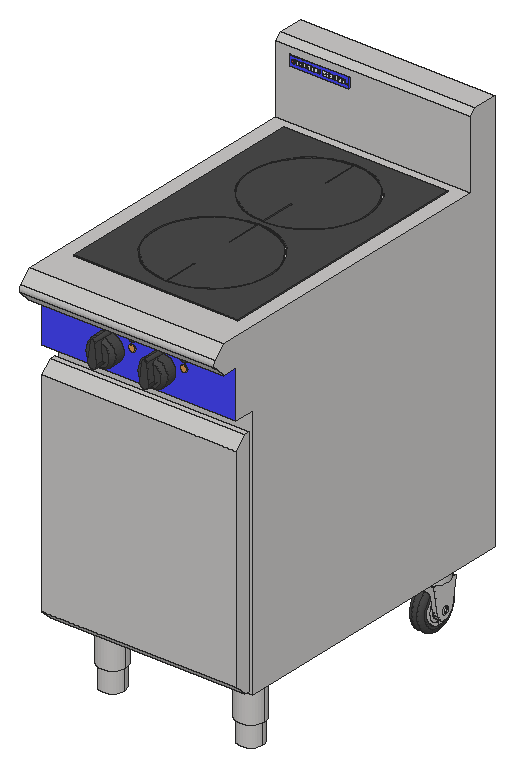
Revit family "QF_MOFFAT_BLUESEAL_CE_IN512-CB", category Specialty Equipment, Revit 2012
Parameters
  Weight in Pounds = 194
  Watts = 10000 W
  Volts = 400 V
  URL Cutsheet = "www.moffat.com"
  URL = "www.moffat.com"
  Type Mark [instance] = ""
  Status [instance] = ""
  Specification by User [instance] = ""
  Specification by Manufacturer = ""
  Show Logo [instance] = yes
  Show Clearance [instance] = yes
  Show Casters [instance] = yes
  Serial Number = ""
  Seismic Rating = ""
  SMACNA No = ""
  Revision Code [instance] = ""
  Phase = 3
  Omniclass Number and Title = ""
  Number of Poles [instance] = 1
  NAFEM Spec ID Number = ""
  Model = "IN512-CB"
  Min Ckt Ampacity = 0 A
  Max Overcurrent Protection = 0 A
  Masterspec = ""
  Manufacturer = "MOFFAT BLUESEAL"
  Legs [instance] = not(Show Casters)  # no
  Item Number [instance] = ""
  Installed By [instance] = ""
  Identify Quantity as Lot [instance] = yes
  HP = ""
  Furnished By [instance] = ""
  Foodservice Equipment Identifier [instance] = yes
  FL Amps = 16 A
  Electrical Remarks [instance] = "16A PER PHASE"
  Electric Connection Type [instance] = ""
  Elec Conn RI Height [instance] = 0 mm
  Elec Conn Connection Height [instance] = 0 mm
  Description = "450MM INDUCTION HOB ON CABINET BASE WITH DOOR"
  Cycle = 50 Hz
  Conn Plug = ""
  Conn Conduit = yes
  CSI MasterFormat = ""
  CSI Master Format = ""
  Apparent Power = if(Phase = 3, Volts * FL Amps * 1.73, Volts * FL Amps)  # 11072 VA
Reference planes
  plane 1 "BACK": y = 0
  plane 2: z = 0
  plane 3 "LEFT": x = 0
  plane 4 "RIGHT": x = 450
  plane 5 "FRONT": y = -812
  plane 6 "TOP": z = 1085
  plane 7 "Center Y": x = 225
  plane 8 "Center X": y = -406
  plane 9: x = 320
  plane 10: z = 740.8
  plane 11: z = 1130
Forms (mm)
  Extrusion 1, solid, material "QF_Finishes_Stainless Steel"
    sketch origin (0, 0, 0) x (0, 1, 0) y (0, 0, 1)
      loop
        line (-749, 740) -> (-699, 740) -> (-699, 150) -> (0, 150) -> (0, 1085.5) -> (-57, 1085.5) -> (-70, 1072.5) -> (-70, 915) -> (-783.97, 915) -> (-808.485, 890.485)
        arc (-808.485, 890.485) -> (-811.999, 882) -> (-808.485, 873.515) r 12
        line (-808.485, 873.515) -> (-784.97, 850) -> (-749, 850) -> (-749, 740)
      loop
        line (-710.65, 700.45) -> (-723.95, 700.45) -> (-747.95, 676.45) -> (-747.95, 185.95) -> (-723.95, 161.95) -> (-710.65, 161.95) -> (-710.65, 700.45)
    from 0 to 450
  Revolve 2, solid, material "QF_Finishes_Stainless Steel"
    sketch origin (0, -625, 0) x (1, 0, 0) y (0, 0, 1)
      loop
        line (65, 0) -> (65, 150) -> (33.25, 150) -> (33.25, 50) -> (37.5, 50) -> (37.5, 0) -> (65, 0)
      axis (65, 0) -> (65, 150)
    angle from 0 to 360
  Revolve 3, solid, material "QF_Finishes_Stainless Steel"
    sketch origin (450, -625, 0) x (-1, 0, 0) y (0, 0, 1)
      loop
        line (65, 0) -> (65, 150) -> (33.25, 150) -> (33.25, 50) -> (37.5, 50) -> (37.5, 0) -> (65, 0)
      axis (65, 0) -> (65, 150)
    angle from 0 to 360
  Revolve 4, solid, material "QF_Finishes_Stainless Steel", visible <- "Legs"
    sketch origin (385, -166, 0) x (0, 1, 0) y (0, 0, -1)
      loop
        line (34.25, -150) -> (66, -150) -> (66, 0) -> (38.5, 0) -> (38.5, -50) -> (34.25, -50) -> (34.25, -150)
      axis (66, -150) -> (66, 0)
    angle from 0 to 360
  Revolve 5, solid, material "QF_Finishes_Stainless Steel", visible <- "Show Casters"
    sketch origin (434.224, -100.755, -12.8) x (-1, 0, 0) y (0, 0, -1)
      loop
        line (14.841, -63.604) -> (14.841, -67.109) -> (16.111, -68.379) -> (17.635, -68.379) -> (17.635, -71.826) -> (29.782, -71.826) -> (29.782, -81.871) -> (33.352, -83.932) -> (34.687, -92.179) -> (32.544, -92.179) -> (32.544, -98.529) -> (33.338, -98.529) -> (33.338, -104.879)
        arc (33.338, -104.879) -> (36.127, -111.614) -> (42.863, -114.404) r 9.525
        line (42.863, -114.404) -> (55.563, -114.404)
        arc (55.563, -114.404) -> (62.298, -111.614) -> (65.088, -104.879) r 9.525
        line (65.088, -104.879) -> (65.088, -98.529) -> (65.881, -98.529) -> (65.881, -92.179) -> (63.738, -92.179) -> (65.088, -83.843) -> (68.644, -81.79) -> (68.644, -71.826) -> (80.79, -71.826) -> (80.79, -68.379) -> (82.314, -68.379) -> (83.584, -67.109) -> (83.584, -63.604) -> (14.841, -63.604)
      axis (14.841, -63.604) -> (83.584, -63.604)
    angle from 0 to 360
  Extrusion 6, solid, material "QF_Finishes_Stainless Steel", visible <- "Show Casters"
    sketch origin (378.499, 132.353, -8.783) x (0, 1, 0) y (0, 0, -1)
      loop
        line (-200.603, -118.783) -> (-212.959, -53.895)
        arc (-212.959, -53.895) -> (-232.353, -38.783) -> (-251.746, -53.895) r 20
        line (-251.746, -53.895) -> (-264.103, -118.783) -> (-200.603, -118.783)
    from -35.667 to 22.923
  Revolve 7, solid, material "QF_Finishes_Stainless Steel", visible <- "Show Casters"
    sketch origin (385, -204, 0) x (0, 1, 0) y (0, 0, -1)
      loop
        line (68.25, -150) -> (104, -150) -> (104, -110) -> (68.25, -110) -> (68.25, -150)
      axis (104, -150) -> (104, -110)
    angle from 0 to 360
  Revolve 8, solid, material "QF_Finishes_Stainless Steel", visible <- "Legs"
    sketch origin (385, -166, 0) x (0, 1, 0) y (0, 0, -1)
      loop
        line (34.25, -150) -> (66, -150) -> (66, 0) -> (38.5, 0) -> (38.5, -50) -> (34.25, -50) -> (34.25, -150)
      axis (66, -150) -> (66, 0)
    angle from 0 to 360
  Revolve 9, solid, material "QF_Finishes_Stainless Steel", visible <- "Legs"
    sketch origin (65, -166, 0) x (0, 1, 0) y (0, 0, -1)
      loop
        line (34.25, -150) -> (66, -150) -> (66, 0) -> (38.5, 0) -> (38.5, -50) -> (34.25, -50) -> (34.25, -150)
      axis (66, -150) -> (66, 0)
    angle from 0 to 360
  Revolve 10, solid, material "QF_Finishes_Stainless Steel", visible <- "Show Casters"
    sketch origin (114.224, -100.755, -12.8) x (-1, 0, 0) y (0, 0, -1)
      loop
        line (14.841, -63.604) -> (14.841, -67.109) -> (16.111, -68.379) -> (17.635, -68.379) -> (17.635, -71.826) -> (29.782, -71.826) -> (29.782, -81.871) -> (33.352, -83.932) -> (34.687, -92.179) -> (32.544, -92.179) -> (32.544, -98.529) -> (33.338, -98.529) -> (33.338, -104.879)
        arc (33.338, -104.879) -> (36.127, -111.614) -> (42.863, -114.404) r 9.525
        line (42.863, -114.404) -> (55.563, -114.404)
        arc (55.563, -114.404) -> (62.298, -111.614) -> (65.088, -104.879) r 9.525
        line (65.088, -104.879) -> (65.088, -98.529) -> (65.881, -98.529) -> (65.881, -92.179) -> (63.738, -92.179) -> (65.088, -83.843) -> (68.644, -81.79) -> (68.644, -71.826) -> (80.79, -71.826) -> (80.79, -68.379) -> (82.314, -68.379) -> (83.584, -67.109) -> (83.584, -63.604) -> (14.841, -63.604)
      axis (14.841, -63.604) -> (83.584, -63.604)
    angle from 0 to 360
  Extrusion 11, solid, material "QF_Finishes_Stainless Steel", visible <- "Show Casters"
    sketch origin (58.499, 132.353, -8.783) x (0, 1, 0) y (0, 0, -1)
      loop
        line (-200.603, -118.783) -> (-212.959, -53.895)
        arc (-212.959, -53.895) -> (-232.353, -38.783) -> (-251.746, -53.895) r 20
        line (-251.746, -53.895) -> (-264.103, -118.783) -> (-200.603, -118.783)
    from -35.667 to 22.923
  Revolve 12, solid, material "QF_Finishes_Stainless Steel", visible <- "Show Casters"
    sketch origin (65, -204, 0) x (0, 1, 0) y (0, 0, -1)
      loop
        line (68.25, -150) -> (104, -150) -> (104, -110) -> (68.25, -110) -> (68.25, -150)
      axis (104, -150) -> (104, -110)
    angle from 0 to 360
  Revolve 13, solid, material "QF_Finishes_Stainless Steel", visible <- "Legs"
    sketch origin (65, -166, 0) x (0, 1, 0) y (0, 0, -1)
      loop
        line (34.25, -150) -> (66, -150) -> (66, 0) -> (38.5, 0) -> (38.5, -50) -> (34.25, -50) -> (34.25, -150)
      axis (66, -150) -> (66, 0)
    angle from 0 to 360
  Extrusion 14, solid, material "QF_Finishes_Orange"
    sketch origin (-695, -749, 852.5) x (0, 0, -1) y (1, 0, 0)
      loop
        circle (45.2, 1025.121) r 7.15
    from 0 to 1
  Revolve 15, solid, material "QF_Finishes_Black"
    sketch origin (285.116, 7, 760.3) x (0, 1, 0) y (0, 0, -1)
      loop
        line (-789, -69.5) -> (-766, -69.5) -> (-766, -42) -> (-756, -42) -> (-756, -37) -> (-800, -37) -> (-800, -63.651) -> (-789, -69.5)
      axis (-800, -37) -> (-756, -37)
    angle from 0 to 360
  Extrusion 16, solid, material "QF_Finishes_Black"
    sketch origin (423.385, 0, 760.458) x (-1, 0, 0) y (0, 0, -1)
      loop
        line (127.85, -26.064) -> (133.27, -68.983)
        arc (133.27, -68.983) -> (138.269, -73.87) -> (143.267, -68.983) r 5
        line (143.267, -68.983) -> (148.756, -24.898)
        arc (148.756, -24.898) -> (137.684, -14.399) -> (127.85, -26.064) r 10.487
    from 759 to 808
  Extrusion 17, solid, material "QF_Finishes_Black"
    sketch origin (-695, -749, 852.5) x (0, 0, -1) y (1, 0, 0)
      loop
        circle (25.2, 1025.121) r 7.15
    from 0 to 1
  Extrusion 18, solid, material "QF_Finishes_Orange"
    sketch origin (-815, -749, 852.5) x (0, 0, -1) y (1, 0, 0)
      loop
        circle (45.2, 1025.121) r 7.15
    from 0 to 1
  Revolve 19, solid, material "QF_Finishes_Black"
    sketch origin (165.116, 7, 760.3) x (0, 1, 0) y (0, 0, -1)
      loop
        line (-789, -69.5) -> (-766, -69.5) -> (-766, -42) -> (-756, -42) -> (-756, -37) -> (-800, -37) -> (-800, -63.651) -> (-789, -69.5)
      axis (-800, -37) -> (-756, -37)
    angle from 0 to 360
  Extrusion 20, solid, material "QF_Finishes_Black"
    sketch origin (303.385, 0, 760.458) x (-1, 0, 0) y (0, 0, -1)
      loop
        line (127.85, -26.064) -> (133.27, -68.983)
        arc (133.27, -68.983) -> (138.269, -73.87) -> (143.267, -68.983) r 5
        line (143.267, -68.983) -> (148.756, -24.898)
        arc (148.756, -24.898) -> (137.684, -14.399) -> (127.85, -26.064) r 10.487
    from 759 to 808
  Extrusion 21, solid, material "QF_Finishes_Black"
    sketch origin (-815, -749, 852.5) x (0, 0, -1) y (1, 0, 0)
      loop
        circle (25.2, 1025.121) r 7.15
    from 0 to 1
  Extrusion 22, solid, material "QF_Finishes_Black"
    sketch origin (0, -783.97, 915) x (0, 1, 0) y (-1, 0, 0)
      loop
        line (690.97, -35) -> (83.97, -35) -> (83.97, -415) -> (690.97, -415) -> (690.97, -35)
      loop
        circle (527.47, -225) r 135
      loop
        line (659.26, -226.6) -> (579.27, -226.6) -> (579.27, -223.4) -> (659.26, -223.4)
        arc (659.26, -223.4) -> (527.47, -93.2) -> (395.68, -223.4) r 131.8
        line (395.68, -223.4) -> (475.67, -223.4) -> (475.67, -226.6) -> (395.68, -226.6)
        arc (395.68, -226.6) -> (527.47, -356.8) -> (659.26, -226.6) r 131.8
      loop
        circle (247.47, -225) r 135
      loop
        line (379.26, -226.6) -> (299.27, -226.6) -> (299.27, -223.4) -> (379.26, -223.4)
        arc (379.26, -223.4) -> (247.47, -93.2) -> (115.68, -223.4) r 131.8
        line (115.68, -223.4) -> (195.67, -223.4) -> (195.67, -226.6) -> (115.68, -226.6)
        arc (115.68, -226.6) -> (247.47, -356.8) -> (379.26, -226.6) r 131.8
    from 0 to 1.6
  Extrusion 23, solid, material "QF_Finishes_Stainless Steel"
    sketch origin (0, 0, 0) x (1, 0, 0) y (0, 0, 1)
      loop
        circle (320, 740.8) r 5
    from 0 to -3.2
  Extrusion 24, solid, material "QF_Door-Drawer Clearances", visible <- "Show Clearance", detail levels coarse
    sketch origin (32.187, -710.65, 150) x (-1, 0, 0) y (0, 1, 0)
      loop
        line (32.187, -38.35) -> (-417.813, -38.35)
        arc (-417.813, -38.35) -> (-286.605, -360.107) -> (32.187, -498.361) r 460.122
        line (32.187, -498.361) -> (32.187, -38.35)
    from -11.95 to -550
Lines and regions (mm)
  symbolic lines
    curve 1: line (0, 0, 915) -> (450, 0, 915)
    curve 2: line (0, -811.999, 915) -> (0, 0, 915)
    curve 3: line (450, -811.999, 915) -> (0, -811.999, 915)
    curve 4: line (450, 0, 915) -> (450, -811.999, 915)
    curve 5: line (415, -93, 915) -> (35, -93, 915)
    curve 6: line (35, -93, 915) -> (35, -700, 915)
    curve 7: line (35, -700, 915) -> (415, -700, 915)
    curve 8: line (415, -700, 915) -> (415, -93, 915)
    curve 9: arc (225, -391.5, 915) -> (90, -256.5, 915) -> (225, -121.5, 915) r 135
    curve 10: arc (225, -121.5, 915) -> (360, -256.5, 915) -> (225, -391.5, 915) r 135
    curve 11: arc (223.4, -124.71, 915) -> (93.2, -256.5, 915) -> (223.4, -388.29, 915) r 131.8
    curve 12: line (223.4, -388.29, 915) -> (223.4, -308.3, 915)
    curve 13: line (223.4, -308.3, 915) -> (226.6, -308.3, 915)
    curve 14: line (226.6, -308.3, 915) -> (226.6, -388.29, 915)
    curve 15: arc (226.6, -388.29, 915) -> (356.8, -256.5, 915) -> (226.6, -124.71, 915) r 131.8
    curve 16: line (226.6, -124.71, 915) -> (226.6, -204.7, 915)
    curve 17: line (226.6, -204.7, 915) -> (223.4, -204.7, 915)
    curve 18: line (223.4, -204.7, 915) -> (223.4, -124.71, 915)
    curve 19: arc (225, -671.5, 915) -> (90, -536.5, 915) -> (225, -401.5, 915) r 135
    curve 20: arc (225, -401.5, 915) -> (360, -536.5, 915) -> (225, -671.5, 915) r 135
    curve 21: arc (223.4, -404.71, 915) -> (93.2, -536.5, 915) -> (223.4, -668.29, 915) r 131.8
    curve 22: line (223.4, -668.29, 915) -> (223.4, -588.3, 915)
    curve 23: line (223.4, -588.3, 915) -> (226.6, -588.3, 915)
    curve 24: line (226.6, -588.3, 915) -> (226.6, -668.29, 915)
    curve 25: arc (226.6, -668.29, 915) -> (356.8, -536.5, 915) -> (226.6, -404.71, 915) r 131.8
    curve 26: line (226.6, -404.71, 915) -> (226.6, -484.7, 915)
    curve 27: line (226.6, -484.7, 915) -> (223.4, -484.7, 915)
    curve 28: line (223.4, -484.7, 915) -> (223.4, -404.71, 915)
    curve 29: line (0, -57, 915) -> (450, -57, 915)
    curve 30: line (0, -70, 915) -> (450, -70, 915)
    curve 31: line (0, -783.97, 915) -> (450, -783.97, 915)
  symbolic lines, style "SpecialityEquipmentHiddenLines", visible <- "Show Casters"
    curve 32: line (106.952, -62.61, 0) -> (56.152, -150.598, 0)
    curve 33: line (79.456, -46.735, 0) -> (106.952, -62.61, 0)
    curve 34: line (28.656, -134.723, 0) -> (79.456, -46.735, 0)
    curve 35: line (56.152, -150.598, 0) -> (28.656, -134.723, 0)
    curve 36: line (431.952, -62.61, 0) -> (381.152, -150.598, 0)
    curve 37: line (404.456, -46.735, 0) -> (431.952, -62.61, 0)
    curve 38: line (353.656, -134.723, 0) -> (404.456, -46.735, 0)
    curve 39: line (381.152, -150.598, 0) -> (353.656, -134.723, 0)
  symbolic lines, style "QF_Door-Drawer Clearances"
    curve 40: arc (445.667, -812, 0) -> (425.917, -895.91, 0) -> (390.862, -974.664, 0) r 460.122
    curve 41: line (109.119, -812, 0) -> (390.862, -974.664, 0)
Dimensions and locks
  equal spacing: plane 3 "LEFT", plane 7 "Center Y", plane 4 "RIGHT"
  plane 3 "LEFT" to plane 4 "RIGHT" = 450 mm
  equal spacing: plane 5 "FRONT", plane 8 "Center X", plane 1 "BACK"
  plane 5 "FRONT" to plane 1 "BACK" = 812 mm
  plane 6 "TOP" to level = 1085 mm
  Revolve 5 sketch curve to Revolve 5 sketch curve = 50.8 mm
  Revolve 10 sketch curve to Revolve 10 sketch curve = 50.8 mm
  aligned and locked: level to plane 2
  aligned and locked: Extrusion 1 to plane 4 "RIGHT"
Automatic sketch dimensions
  Extrusion 1 sketch curve to plane 1 "BACK" = 0 mm
  plane 6 "TOP" to Extrusion 1 sketch curve = 0.5 mm
  plane 1 "BACK" to Extrusion 1 sketch curve = 57 mm
  Extrusion 1 sketch curve to Extrusion 1 sketch curve = 13 mm
  Extrusion 1 sketch curve to plane 5 "FRONT" = 113 mm
  Extrusion 1 sketch curve to Extrusion 1 sketch curve = 11.65 mm
  Extrusion 1 sketch curve to Extrusion 1 sketch curve = 13.3 mm  (x2)
  Extrusion 1 sketch curve to Extrusion 1 sketch curve = 24 mm  (x3)
  Extrusion 1 sketch curve to Extrusion 1 sketch curve = 25.05 mm
  Extrusion 1 sketch curve to plane 5 "FRONT" = 28.03 mm
  Extrusion 1 sketch curve to plane 5 "FRONT" = 27.03 mm
  Extrusion 1 sketch curve to plane 5 "FRONT" = 12.001 mm
  Extrusion 1 sketch curve to plane 5 "FRONT" = 3.515 mm  (x2)
  Extrusion 1 sketch curve to plane 6 "TOP" = 12.5 mm
  Extrusion 1 sketch curve to plane 6 "TOP" = 170 mm
  Extrusion 1 sketch curve to Extrusion 1 sketch curve = 24.515 mm
  Extrusion 1 sketch curve to Extrusion 1 sketch curve = 8.485 mm
  Extrusion 1 sketch curve to Extrusion 1 sketch curve = 32 mm
  Extrusion 1 sketch curve to Extrusion 1 sketch curve = 110 mm
  Extrusion 1 sketch curve to Extrusion 1 sketch curve = 39.55 mm
  level to Extrusion 1 sketch curve = 185.95 mm
  level to Extrusion 1 sketch curve = 150 mm
  Revolve 2 sketch curve to level = 0 mm
  plane 3 "LEFT" to Revolve 2 sketch curve = 33.25 mm
  Revolve 2 sketch curve to Revolve 2 sketch curve = 4.25 mm
  Revolve 2 sketch curve to Revolve 2 sketch curve = 31.75 mm
  Revolve 2 sketch curve to Revolve 2 sketch curve = 0 mm  (x2)
  Revolve 2 sketch curve to Revolve 2 sketch curve = 50 mm
  Revolve 2 sketch curve to Revolve 2 sketch curve = 100 mm
  Revolve 2 sketch curve to Revolve 2 sketch curve = 25 mm
  Revolve 3 sketch curve to level = 0 mm
  Revolve 3 sketch curve to plane 4 "RIGHT" = 33.25 mm
  Revolve 3 sketch curve to Revolve 3 sketch curve = 4.25 mm
  Revolve 3 sketch curve to Revolve 3 sketch curve = 31.75 mm
  Revolve 3 sketch curve to Revolve 3 sketch curve = 0 mm  (x2)
  Revolve 3 sketch curve to Revolve 3 sketch curve = 50 mm
  Revolve 3 sketch curve to Revolve 3 sketch curve = 100 mm
  Revolve 3 sketch curve to Revolve 3 sketch curve = 25 mm
  Revolve 4 sketch curve to level = 0 mm
  level to Revolve 4 sketch curve = 50 mm
  plane 1 "BACK" to Revolve 4 sketch curve = 131.75 mm
  Revolve 4 sketch curve to Revolve 4 sketch curve = 4.25 mm
  Revolve 4 sketch curve to Revolve 4 sketch curve = 27.5 mm  (x2)
  Revolve 4 sketch curve to Revolve 4 sketch curve = 100 mm
  Revolve 4 sketch curve to Revolve 4 sketch curve = 0 mm
  Revolve 4 sketch curve to Revolve 4 sketch curve = 55 mm
  plane 4 "RIGHT" to Revolve 5 sketch curve = 30.618 mm
  Revolve 5 sketch curve to Revolve 5 sketch curve = 1.27 mm  (x4)
  Revolve 5 sketch curve to Revolve 5 sketch curve = 1.524 mm  (x2)
  Revolve 5 sketch curve to Revolve 5 sketch curve = 12.146 mm  (x2)
  Revolve 5 sketch curve to Revolve 5 sketch curve = 2.762 mm
  Revolve 5 sketch curve to Revolve 5 sketch curve = 0.794 mm  (x2)
  Revolve 5 sketch curve to Revolve 5 sketch curve = 3.57 mm
  Revolve 5 sketch curve to Revolve 5 sketch curve = 2.143 mm
  Revolve 5 sketch curve to Revolve 5 sketch curve = 9.525 mm
  Revolve 5 sketch curve to Revolve 5 sketch curve = 24.572 mm
  Revolve 5 sketch curve to Revolve 5 sketch curve = 12.7 mm
  Revolve 5 sketch curve to Revolve 5 sketch curve = 8.176 mm
  Revolve 5 sketch curve to Revolve 5 sketch curve = 1.349 mm  (x2)
  Revolve 5 sketch curve to Revolve 5 sketch curve = 3.556 mm
  Revolve 5 sketch curve to Revolve 5 sketch curve = 33.32 mm
  level to Revolve 5 sketch curve = 101.604 mm
  Revolve 5 sketch curve to Revolve 5 sketch curve = 6.35 mm  (x4)
  Revolve 5 sketch curve to Revolve 5 sketch curve = 8.247 mm
  Revolve 5 sketch curve to Revolve 5 sketch curve = 8.336 mm
  Revolve 5 sketch curve to Revolve 5 sketch curve = 2.061 mm
  Revolve 5 sketch curve to Revolve 5 sketch curve = 2.053 mm
  Revolve 5 sketch curve to Revolve 5 sketch curve = 10.045 mm
  Revolve 5 sketch curve to Revolve 5 sketch curve = 9.964 mm
  Revolve 5 sketch curve to Revolve 5 sketch curve = 3.447 mm  (x2)
  Revolve 5 sketch curve to Revolve 5 sketch curve = 3.505 mm
  plane 1 "BACK" to Extrusion 6 sketch curve = 131.75 mm
  level to Extrusion 6 sketch curve = 45.111 mm  (x2)
  Extrusion 6 sketch curve to Extrusion 6 sketch curve = 12.357 mm
  Extrusion 6 sketch curve to Extrusion 6 sketch curve = 19.393 mm
  Extrusion 6 sketch curve to Extrusion 6 sketch curve = 63.5 mm
  Extrusion 6 sketch curve to Extrusion 6 sketch curve = 4.889 mm
  Extrusion 6 sketch curve to Extrusion 6 sketch curve = 64.889 mm
  plane 1 "BACK" to Revolve 7 sketch curve = 135.75 mm
  plane 1 "BACK" to Revolve 7 sketch curve = 100 mm
  Revolve 7 sketch curve to Revolve 7 sketch curve = 35.75 mm
  level to Revolve 7 sketch curve = 150 mm
  Revolve 7 sketch curve to Revolve 7 sketch curve = 40 mm
  level to Revolve 7 sketch curve = 50 mm
  Revolve 7 sketch curve to level = 55 mm
  Revolve 8 sketch curve to level = 0 mm
  level to Revolve 8 sketch curve = 50 mm
  plane 1 "BACK" to Revolve 8 sketch curve = 131.75 mm
  Revolve 8 sketch curve to Revolve 8 sketch curve = 4.25 mm
  Revolve 8 sketch curve to Revolve 8 sketch curve = 27.5 mm  (x2)
  Revolve 8 sketch curve to Revolve 8 sketch curve = 100 mm
  Revolve 8 sketch curve to Revolve 8 sketch curve = 0 mm
  Revolve 8 sketch curve to Revolve 8 sketch curve = 55 mm
  Revolve 9 sketch curve to level = 0 mm
  level to Revolve 9 sketch curve = 50 mm
  plane 1 "BACK" to Revolve 9 sketch curve = 131.75 mm
  Revolve 9 sketch curve to Revolve 9 sketch curve = 4.25 mm
  Revolve 9 sketch curve to Revolve 9 sketch curve = 27.5 mm  (x2)
  Revolve 9 sketch curve to Revolve 9 sketch curve = 100 mm
  Revolve 9 sketch curve to Revolve 9 sketch curve = 0 mm
  Revolve 9 sketch curve to Revolve 9 sketch curve = 55 mm
  plane 3 "LEFT" to Revolve 10 sketch curve = 99.382 mm
  Revolve 10 sketch curve to Revolve 10 sketch curve = 1.27 mm  (x4)
  Revolve 10 sketch curve to Revolve 10 sketch curve = 1.524 mm  (x2)
  Revolve 10 sketch curve to Revolve 10 sketch curve = 12.146 mm  (x2)
  Revolve 10 sketch curve to Revolve 10 sketch curve = 2.762 mm
  Revolve 10 sketch curve to Revolve 10 sketch curve = 0.794 mm  (x2)
  Revolve 10 sketch curve to Revolve 10 sketch curve = 3.57 mm
  Revolve 10 sketch curve to Revolve 10 sketch curve = 2.143 mm
  Revolve 10 sketch curve to Revolve 10 sketch curve = 9.525 mm
  Revolve 10 sketch curve to Revolve 10 sketch curve = 24.572 mm
  Revolve 10 sketch curve to Revolve 10 sketch curve = 12.7 mm
  Revolve 10 sketch curve to Revolve 10 sketch curve = 8.176 mm
  Revolve 10 sketch curve to Revolve 10 sketch curve = 1.349 mm  (x2)
  Revolve 10 sketch curve to Revolve 10 sketch curve = 3.556 mm
  Revolve 10 sketch curve to plane 3 "LEFT" = 2.68 mm
  level to Revolve 10 sketch curve = 101.604 mm
  Revolve 10 sketch curve to Revolve 10 sketch curve = 6.35 mm  (x4)
  Revolve 10 sketch curve to Revolve 10 sketch curve = 8.247 mm
  Revolve 10 sketch curve to Revolve 10 sketch curve = 8.336 mm
  Revolve 10 sketch curve to Revolve 10 sketch curve = 2.061 mm
  Revolve 10 sketch curve to Revolve 10 sketch curve = 2.053 mm
  Revolve 10 sketch curve to Revolve 10 sketch curve = 10.045 mm
  Revolve 10 sketch curve to Revolve 10 sketch curve = 9.964 mm
  Revolve 10 sketch curve to Revolve 10 sketch curve = 3.447 mm  (x2)
  Revolve 10 sketch curve to Revolve 10 sketch curve = 3.505 mm
  plane 1 "BACK" to Extrusion 11 sketch curve = 131.75 mm
  level to Extrusion 11 sketch curve = 45.111 mm  (x2)
  Extrusion 11 sketch curve to Extrusion 11 sketch curve = 12.357 mm
  Extrusion 11 sketch curve to Extrusion 11 sketch curve = 19.393 mm
  Extrusion 11 sketch curve to Extrusion 11 sketch curve = 63.5 mm
  Extrusion 11 sketch curve to Extrusion 11 sketch curve = 4.889 mm
  Extrusion 11 sketch curve to Extrusion 11 sketch curve = 64.889 mm
  plane 1 "BACK" to Revolve 12 sketch curve = 135.75 mm
  plane 1 "BACK" to Revolve 12 sketch curve = 100 mm
  Revolve 12 sketch curve to Revolve 12 sketch curve = 35.75 mm
  level to Revolve 12 sketch curve = 150 mm
  Revolve 12 sketch curve to Revolve 12 sketch curve = 40 mm
  level to Revolve 12 sketch curve = 50 mm
  Revolve 12 sketch curve to level = 55 mm
  Revolve 13 sketch curve to level = 0 mm
  level to Revolve 13 sketch curve = 50 mm
  plane 1 "BACK" to Revolve 13 sketch curve = 131.75 mm
  Revolve 13 sketch curve to Revolve 13 sketch curve = 4.25 mm
  Revolve 13 sketch curve to Revolve 13 sketch curve = 27.5 mm  (x2)
  Revolve 13 sketch curve to Revolve 13 sketch curve = 100 mm
  Revolve 13 sketch curve to Revolve 13 sketch curve = 0 mm
  Revolve 13 sketch curve to Revolve 13 sketch curve = 55 mm
  plane 7 "Center Y" to Extrusion 14 sketch curve = 105.121 mm
  Extrusion 14 sketch curve to plane 6 "TOP" = 277.7 mm
  Revolve 15 sketch curve to plane 5 "FRONT" = 19 mm
  Revolve 15 sketch curve to Revolve 15 sketch curve = 0 mm  (x2)
  Revolve 15 sketch curve to Revolve 15 sketch curve = 11 mm
  Revolve 15 sketch curve to Revolve 15 sketch curve = 12.7 mm
  Revolve 15 sketch curve to Revolve 15 sketch curve = 23 mm
  Revolve 15 sketch curve to Revolve 15 sketch curve = 10 mm
  Revolve 15 sketch curve to plane 6 "TOP" = 255.2 mm
  Revolve 15 sketch curve to Revolve 15 sketch curve = 5.849 mm
  Revolve 15 sketch curve to Revolve 15 sketch curve = 27.5 mm
  Revolve 15 sketch curve to Revolve 15 sketch curve = 5 mm
  plane 7 "Center Y" to Extrusion 16 sketch curve = 70.536 mm
  Extrusion 16 sketch curve to Extrusion 16 sketch curve = 5.421 mm
  Extrusion 16 sketch curve to Extrusion 16 sketch curve = 10.419 mm
  Extrusion 16 sketch curve to Extrusion 16 sketch curve = 4.999 mm  (x2)
  Extrusion 16 sketch curve to Extrusion 16 sketch curve = 10.487 mm
  Extrusion 16 sketch curve to plane 6 "TOP" = 255.559 mm
  Extrusion 16 sketch curve to Extrusion 16 sketch curve = 0.113 mm
  Extrusion 16 sketch curve to Extrusion 16 sketch curve = 42.919 mm
  Extrusion 16 sketch curve to Extrusion 16 sketch curve = 1.167 mm
  plane 7 "Center Y" to Extrusion 17 sketch curve = 105.121 mm
  Extrusion 17 sketch curve to plane 6 "TOP" = 257.7 mm
  Extrusion 18 sketch curve to plane 7 "Center Y" = 14.879 mm
  Extrusion 18 sketch curve to plane 6 "TOP" = 277.7 mm
  Revolve 19 sketch curve to plane 5 "FRONT" = 19 mm
  Revolve 19 sketch curve to Revolve 19 sketch curve = 0 mm  (x2)
  Revolve 19 sketch curve to Revolve 19 sketch curve = 11 mm
  Revolve 19 sketch curve to Revolve 19 sketch curve = 12.7 mm
  Revolve 19 sketch curve to Revolve 19 sketch curve = 23 mm
  Revolve 19 sketch curve to Revolve 19 sketch curve = 10 mm
  Revolve 19 sketch curve to plane 6 "TOP" = 255.2 mm
  Revolve 19 sketch curve to Revolve 19 sketch curve = 5.849 mm
  Revolve 19 sketch curve to Revolve 19 sketch curve = 27.5 mm
  Revolve 19 sketch curve to Revolve 19 sketch curve = 5 mm
  Extrusion 20 sketch curve to plane 7 "Center Y" = 49.464 mm
  Extrusion 20 sketch curve to Extrusion 20 sketch curve = 5.421 mm
  Extrusion 20 sketch curve to Extrusion 20 sketch curve = 10.419 mm
  Extrusion 20 sketch curve to Extrusion 20 sketch curve = 4.999 mm  (x2)
  Extrusion 20 sketch curve to Extrusion 20 sketch curve = 10.487 mm
  Extrusion 20 sketch curve to plane 6 "TOP" = 255.559 mm
  Extrusion 20 sketch curve to Extrusion 20 sketch curve = 0.113 mm
  Extrusion 20 sketch curve to Extrusion 20 sketch curve = 42.919 mm
  Extrusion 20 sketch curve to Extrusion 20 sketch curve = 1.167 mm
  Extrusion 21 sketch curve to plane 7 "Center Y" = 14.879 mm
  Extrusion 21 sketch curve to plane 6 "TOP" = 257.7 mm
  Extrusion 22 sketch curve to Extrusion 22 sketch curve = 0 mm  (x17)
  Extrusion 1 to Extrusion 22 sketch curve = 35 mm  (x2)
  Extrusion 22 sketch curve to Extrusion 1 = 83.97 mm
  Extrusion 22 sketch curve to Extrusion 1 = 115.68 mm
  Extrusion 22 sketch curve to Extrusion 22 sketch curve = 79.99 mm  (x3)
  Extrusion 22 sketch curve to Extrusion 22 sketch curve = 51.8 mm  (x4)
  Extrusion 22 sketch curve to Extrusion 22 sketch curve = 16.419 mm
  Extrusion 1 to Extrusion 22 sketch curve = 54.71 mm
  Extrusion 1 to Extrusion 22 sketch curve = 23 mm
  Extrusion 1 to Extrusion 22 sketch curve = 223.4 mm
  Extrusion 22 sketch curve to Extrusion 22 sketch curve = 1.6 mm  (x2)
  Extrusion 22 sketch curve to Extrusion 22 sketch curve = 3.2 mm  (x2)
  plane 9 to Extrusion 23 sketch curve = 0 mm
  Extrusion 23 sketch curve to plane 10 = 0 mm
  curve 3 to Extrusion 1 = 0 mm  (x2)
  Extrusion 1 to curve 3 = 28.029 mm
  curve 2 to Extrusion 1 = 70 mm
  Extrusion 1 to curve 7 = 35 mm
  curve 7 to Extrusion 1 = 83.97 mm
  Extrusion 1 to curve 5 = 23 mm
  Extrusion 1 to curve 5 = 35 mm
  Extrusion 1 to curve 9 = 321.5 mm
  curve 9 to curve 10 = 135 mm
  Extrusion 1 to curve 9 = 225 mm
  curve 9 to curve 11 = 0 mm  (x2)
  curve 9 to curve 15 = 0 mm  (x2)
  curve 9 to curve 12 = 3.21 mm
  curve 11 to curve 14 = 0 mm
  curve 13 to curve 9 = 51.8 mm
  curve 9 to curve 17 = 51.8 mm
  curve 18 to curve 9 = 3.21 mm
  curve 18 to curve 16 = 0 mm
  curve 16 to curve 9 = 1.6 mm
  curve 15 to curve 11 = 3.2 mm
  curve 20 to Extrusion 1 = 112.47 mm
  curve 19 to curve 20 = 135 mm
  curve 19 to curve 6 = 190 mm
  curve 19 to curve 21 = 0 mm  (x2)
  curve 19 to curve 25 = 0 mm  (x2)
  curve 19 to curve 22 = 3.21 mm
  curve 21 to curve 24 = 0 mm
  curve 23 to curve 19 = 51.8 mm
  curve 19 to curve 27 = 51.8 mm
  curve 26 to curve 20 = 3.21 mm
  curve 21 to curve 26 = 0 mm
  curve 26 to curve 19 = 1.6 mm
  curve 26 to curve 28 = 3.2 mm
  curve 29 to Extrusion 1 = 13 mm
  curve 30 to Extrusion 1 = 0 mm
  curve 31 to Extrusion 1 = 0 mm
  plane 3 "LEFT" to curve 34 = 28.656 mm
  curve 34 to curve 35 = 27.496 mm
  plane 3 "LEFT" to curve 34 = 79.456 mm
  curve 39 to plane 9 = 33.656 mm
  curve 38 to curve 39 = 27.496 mm
  plane 4 "RIGHT" to curve 36 = 18.048 mm
  curve 39 to curve 38 = 15.875 mm
  plane 1 "BACK" to curve 36 = 62.61 mm
  plane 1 "BACK" to curve 33 = 62.61 mm
  curve 32 to curve 33 = 15.875 mm
  curve 40 to plane 3 "LEFT" = 10.122 mm
  curve 41 to plane 5 "FRONT" = 0 mm
  plane 3 "LEFT" to curve 41 = 109.119 mm
  plane 4 "RIGHT" to curve 40 = 59.138 mm
  plane 4 "RIGHT" to curve 40 = 4.333 mm
  plane 5 "FRONT" to curve 41 = 162.664 mm
  curve 40 to plane 5 "FRONT" = 0 mm
  Extrusion 24 sketch curve to plane 4 "RIGHT" = 0 mm
  Extrusion 24 sketch curve to plane 3 "LEFT" = 0 mm
  Extrusion 24 sketch curve to plane 3 "LEFT" = 10.122 mm
  Extrusion 24 sketch curve to plane 5 "FRONT" = 63 mm
  radius of Extrusion 14 sketch curve = 7.15 mm
  radius of Extrusion 17 sketch curve = 7.15 mm
  radius of Extrusion 18 sketch curve = 7.15 mm
  radius of Extrusion 21 sketch curve = 7.15 mm
  radius of Extrusion 22 sketch curve = 135 mm  (x2)
  radius of Extrusion 23 sketch curve = 5 mm
Nested families
  nested 1: "WALDORF LOGO_FACE BASE" at (32, -70, 1056.885) x (1, 0, 0) z (0, -1, 0), visible <- "Show Logo", type "WALDORF LOGO_FACE BASE", detail levels medium+fine
    with Show Logo yes
Connectors
  electrical at (320, 3.2, 740.8), driven by "Volts", driven by "Watts"
    settings: on Extrusion 23, index 1, voltage 400 V, apparent load 10000 VA, apparent load phase1 0 VA, apparent load phase2 0 VA, apparent load phase3 0 VA, power factor 1, load classification "Other", number of poles 1, system type 30, power factor state 1, is connector primary yes, connector utility no, sub classification motor no, connector description "ELECTRICAL CONNECTION"
Definition of nested family "WALDORF LOGO_FACE BASE"
  Parameters (values of type "WALDORF LOGO_FACE BASE")
    Show Logo [instance] = yes
    Default Elevation = 1219.2 mm
  Reference planes
    plane 1 "Center (Front/Back)": y = 0
    plane 2: z = 0
    plane 3 "Center (Left/Right)": x = 0
  Forms (mm)
    Extrusion 1, solid
      sketch origin (0, 0, 0) x (1, 0, 0) y (0, 1, 0)
        loop
          line (-1219.2, 1219.2) -> (-1219.2, -1219.2) -> (1219.2, -1219.2) -> (1219.2, 1219.2) -> (-1219.2, 1219.2)
      from 0 to -304.8
    Extrusion 2, solid, material "QF_Finishes_Blue", visible <- "Show Logo"
      sketch origin (0, -33.217, 0) x (1, 0, 0) y (0, 1, 0)
        loop
          arc (138, 31.942) -> (137.626, 32.844) -> (136.724, 33.217) r 1.276
          line (136.724, 33.217) -> (1.29, 33.217)
          arc (1.29, 33.217) -> (0.378, 32.839) -> (0, 31.927) r 1.29
          line (0, 31.927) -> (0, 11.507)
          arc (0, 11.507) -> (0.378, 10.595) -> (1.29, 10.217) r 1.29
          line (1.29, 10.217) -> (136.71, 10.217)
          arc (136.71, 10.217) -> (137.622, 10.595) -> (138, 11.507) r 1.29
          line (138, 11.507) -> (138, 31.942)
      from 0 to 1.588
    Extrusion 3, solid, material "QF_Finishes_White", visible <- "Show Logo"
      sketch origin (0, -33.217, 1.588) x (1, 0, 0) y (0, 1, 0)
        loop
          arc (108.946, 25.919) -> (107.613, 25.367) -> (107.061, 24.034) r 1.885
          line (107.061, 24.034) -> (107.061, 17.211) -> (112.704, 17.211) -> (112.704, 19.129) -> (115.546, 19.129) -> (115.546, 17.211) -> (121.584, 17.211) -> (121.584, 24.075)
          arc (121.584, 24.075) -> (121.043, 25.379) -> (119.739, 25.919) r 1.845
          line (119.739, 25.919) -> (108.946, 25.919)
        loop
          line (123.478, 25.919) -> (123.478, 17.163) -> (134.904, 17.163) -> (134.904, 19.129) -> (129.246, 19.129) -> (129.246, 25.919) -> (123.478, 25.919)
        loop
          line (112.704, 21.258) -> (115.546, 21.258) -> (115.546, 22.702)
          arc (115.546, 22.702) -> (115.344, 23.188) -> (114.858, 23.389) r 0.687
          line (114.858, 23.389) -> (113.363, 23.389)
          arc (113.363, 23.389) -> (112.897, 23.196) -> (112.704, 22.73) r 0.658
          line (112.704, 22.73) -> (112.704, 21.258)
        loop
          line (105.071, 25.919) -> (93.771, 25.919) -> (93.771, 17.163) -> (105.071, 17.163) -> (105.071, 19.063) -> (99.535, 19.063) -> (99.535, 20.437) -> (105.071, 20.437) -> (105.071, 22.278) -> (99.535, 22.278) -> (99.535, 23.587) -> (105.071, 23.587) -> (105.071, 25.919)
        loop
          line (91.104, 25.919) -> (79.541, 25.919)
          arc (79.541, 25.919) -> (78.558, 25.513) -> (78.152, 24.53) r 1.389
          line (78.152, 24.53) -> (78.152, 22.08)
          arc (78.152, 22.08) -> (78.558, 21.098) -> (79.541, 20.691) r 1.389
          line (79.541, 20.691) -> (86.346, 20.691) -> (86.346, 18.864) -> (83.266, 18.864) -> (83.266, 19.664) -> (78.152, 19.664) -> (78.152, 18.553)
          arc (78.152, 18.553) -> (78.558, 17.57) -> (79.541, 17.163) r 1.389
          line (79.541, 17.163) -> (91.063, 17.163)
          arc (91.063, 17.163) -> (92.045, 17.57) -> (92.452, 18.553) r 1.389
          line (92.452, 18.553) -> (92.452, 20.691)
          arc (92.452, 20.691) -> (92.045, 21.673) -> (91.063, 22.08) r 1.389
          line (91.063, 22.08) -> (83.266, 22.08) -> (83.266, 23.984) -> (86.346, 23.984) -> (86.346, 22.743) -> (92.452, 22.743) -> (92.452, 24.571)
          arc (92.452, 24.571) -> (92.057, 25.524) -> (91.104, 25.919) r 1.348
        loop
          line (70.705, 25.919) -> (59.405, 25.919) -> (59.405, 17.163) -> (70.705, 17.163) -> (70.705, 19.063) -> (65.169, 19.063) -> (65.169, 20.437) -> (70.705, 20.437) -> (70.705, 22.278) -> (65.169, 22.278) -> (65.169, 23.587) -> (70.705, 23.587) -> (70.705, 25.919)
        loop
          line (57.598, 25.919) -> (51.7, 25.919) -> (51.7, 20.18)
          arc (51.7, 20.18) -> (50.63, 19.11) -> (49.56, 20.18) r 1.07
          line (49.56, 20.18) -> (49.56, 25.919) -> (43.663, 25.919) -> (43.663, 19.049)
          arc (43.663, 19.049) -> (44.215, 17.716) -> (45.548, 17.163) r 1.885
          line (45.548, 17.163) -> (55.71, 17.163)
          arc (55.71, 17.163) -> (57.045, 17.716) -> (57.598, 19.051) r 1.887
          line (57.598, 19.051) -> (57.598, 25.919)
        loop
          line (31.62, 25.919) -> (31.62, 17.163) -> (43.046, 17.163) -> (43.046, 19.129) -> (37.388, 19.129) -> (37.388, 25.919) -> (31.62, 25.919)
        loop
          line (15.969, 25.919) -> (15.969, 17.163) -> (28.693, 17.163)
          arc (28.693, 17.163) -> (29.812, 17.627) -> (30.276, 18.746) r 1.582
          line (30.276, 18.746) -> (30.276, 20.447) -> (29.48, 21.243) -> (30.276, 22.039) -> (30.276, 24.332)
          arc (30.276, 24.332) -> (29.811, 25.454) -> (28.688, 25.919) r 1.587
          line (28.688, 25.919) -> (15.969, 25.919)
        loop
          line (21.449, 24.159) -> (21.449, 22.436) -> (23.862, 22.436)
          arc (23.862, 22.436) -> (24.723, 23.298) -> (23.862, 24.159) r 0.861
          line (23.862, 24.159) -> (21.449, 24.159)
        loop
          line (21.449, 20.244) -> (21.449, 18.522) -> (23.862, 18.522)
          arc (23.862, 18.522) -> (24.723, 19.383) -> (23.862, 20.244) r 0.861
          line (23.862, 20.244) -> (21.449, 20.244)
      from 0 to 0.2
    Extrusion 4, solid, material "QF_Finishes_Blue", visible <- "Show Logo"
      sketch origin (-126.498, -31.09, 1.588) x (1, 0, 0) y (0, 1, 0)
        loop
          line (136.738, 23.522) -> (136.738, 15.1)
          arc (136.738, 15.1) -> (140.756, 19.311) -> (136.738, 23.522) r 4.216
      from 0 to 0.2
    Extrusion 5, solid, material "QF_Finishes_Red", visible <- "Show Logo"
      sketch origin (146.849, -31.09, 1.588) x (-1, 0, 0) y (0, -1, 0)
        loop
          arc (136.738, -23.522) -> (140.756, -19.311) -> (136.738, -15.1) r 4.216
          line (136.738, -15.1) -> (136.738, -23.522)
      from 0 to 0.2
  Lines and regions (mm)
    Split face 1
      outline origin (-90.35, -30.793, 1.588) x (1, 0, 0) y (0, 1, 0)
        loop
          circle (100.54, 19.013) r 4.536
  Dimensions and locks
    aligned and locked: plane 2 to Extrusion 1
    aligned and locked: level to Extrusion 1
